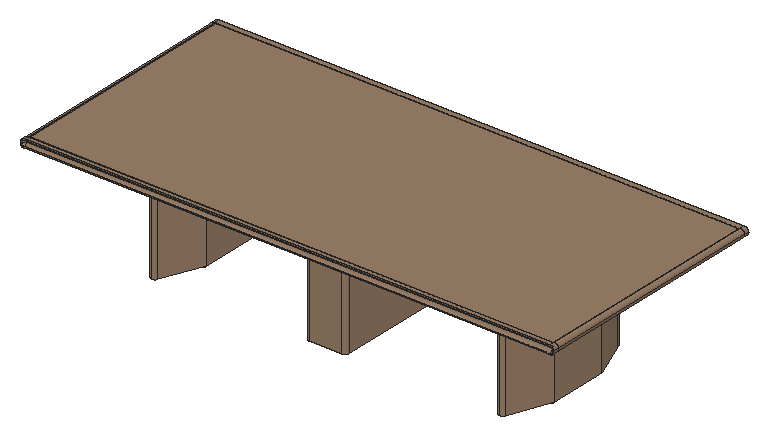
Revit family "Table-Teknion-CFTBCH_Figure_Table_Rectangular_Hexa_Panel_Base_Bullnose_Cove_Edge-R2023", category Furniture, Revit 2023 (continued)
Definition of nested family "Hexa Panel"
  Dimensions and locks (in)
    plane 4 "Left" to Sweep 10 sketch curve to Sweep 10 sketch curve to Sweep 10 sketch curve to Sweep 10 sketch curve to Sweep 10 sketch curve to Sweep 10 sketch curve = 0.72972" locked, 0.18042" locked, 0.000" locked, 0.36084" locked, 0.000" locked, 0.18042" locked  (x2)
    Sweep 10 sketch curve to Sweep 10 sketch curve to Sweep 10 sketch curve to Sweep 10 sketch curve to Sweep 10 sketch curve to Sweep 10 sketch curve to plane 5 "Right" = 0.18042" locked, 0.000" locked, 0.36084" locked, 0.000" locked, 0.18042" locked, 0.72972" locked  (x2)
    Sweep 10 sketch curve to plane 10 "2" to Sweep 10 sketch curve = 0.3125" locked, 0.3125" locked  (x2)
    Sweep 10 sketch curve to plane 12 "3" to Sweep 10 sketch curve = 0.3125" locked, 0.3125" locked  (x2)
    Sweep 10 sketch curve to plane 11 "4" to Sweep 10 sketch curve = 0.3125" locked, 0.3125" locked
    aligned and locked: level to plane 2
    aligned and locked: Sweep 1 sketch curve to plane 3 "Center Left/Right"
    aligned and locked: plane 8 "Top" to Sweep 1 sketch curve
    aligned and locked: plane 13 to Sweep 1 sketch curve
    aligned and locked: plane 6 "Back" to Sweep 1 sketch curve
    aligned and locked: plane 7 "Front" to Sweep 1 sketch curve
    aligned and locked: Sweep 2 sketch curve to plane 3 "Center Left/Right"
    aligned and locked: Sweep 3 sketch curve to plane 3 "Center Left/Right"
    aligned and locked: plane 2 to Revolve 4 sketch curve
    aligned and locked: Revolve 4 sketch curve to plane 3 "Center Left/Right"  (x2)
    aligned and locked: plane 2 to Revolve 5 sketch curve
    aligned and locked: plane 2 to Revolve 6 sketch curve
    aligned and locked: plane 2 to Revolve 7 sketch curve
    aligned and locked: plane 2 to Revolve 9 sketch curve
    aligned and locked: Revolve 9 sketch curve to plane 3 "Center Left/Right"  (x2)
    aligned and locked: plane 2 to Revolve 8 sketch curve
    aligned and locked: plane 13 to Sweep 10 sketch curve
    aligned and locked: Sweep 10 sketch curve to plane 3 "Center Left/Right"
    aligned and locked: plane 9 "1" to Sweep 10 sketch curve  (x2)
    aligned and locked: plane 10 "2" to Sweep 10 sketch curve  (x4)
    aligned and locked: plane 12 "3" to Sweep 10 sketch curve  (x4)
    aligned and locked: plane 11 "4" to Sweep 10 sketch curve  (x2)
    aligned and locked: curve 1 to cut or joined group of Sweep 1, Sweep 2, Sweep 3
    aligned and locked: curve 3 to cut or joined group of Sweep 1, Sweep 2, Sweep 3
    aligned and locked: curve 4 to cut or joined group of Sweep 1, Sweep 2, Sweep 3
    aligned and locked: curve 5 to cut or joined group of Sweep 1, Sweep 2, Sweep 3
    aligned and locked: curve 6 to cut or joined group of Sweep 1, Sweep 2, Sweep 3
    aligned and locked: curve 7 to cut or joined group of Sweep 1, Sweep 2, Sweep 3
    aligned and locked: curve 9 to cut or joined group of Sweep 1, Sweep 2, Sweep 3
    aligned and locked: curve 10 to cut or joined group of Sweep 1, Sweep 2, Sweep 3
    aligned and locked: curve 11 to cut or joined group of Sweep 1, Sweep 2, Sweep 3
    aligned and locked: curve 12 to cut or joined group of Sweep 1, Sweep 2, Sweep 3
    aligned and locked: curve 13 to cut or joined group of Sweep 1, Sweep 2, Sweep 3
    aligned and locked: curve 14 to cut or joined group of Sweep 1, Sweep 2, Sweep 3
    aligned and locked: curve 15 to cut or joined group of Sweep 1, Sweep 2, Sweep 3
    aligned and locked: curve 16 to cut or joined group of Sweep 1, Sweep 2, Sweep 3
    aligned and locked: curve 17 to cut or joined group of Sweep 1, Sweep 2, Sweep 3
    aligned and locked: curve 18 to cut or joined group of Sweep 1, Sweep 2, Sweep 3
    aligned and locked: curve 19 to cut or joined group of Sweep 1, Sweep 2, Sweep 3
    aligned and locked: curve 21 to cut or joined group of Sweep 1, Sweep 2, Sweep 3
    aligned and locked: curve 22 to cut or joined group of Sweep 1, Sweep 2, Sweep 3
    aligned and locked: curve 24 to cut or joined group of Sweep 1, Sweep 2, Sweep 3
    aligned and locked: curve 25 to cut or joined group of Sweep 1, Sweep 2, Sweep 3
    aligned and locked: curve 26 to cut or joined group of Sweep 1, Sweep 2, Sweep 3
    aligned and locked: curve 27 to cut or joined group of Sweep 1, Sweep 2, Sweep 3
    aligned and locked: curve 28 to cut or joined group of Sweep 1, Sweep 2, Sweep 3
    aligned and locked: curve 29 to cut or joined group of Revolve 4, Revolve 5, Revolve 6, Revolve 7, Revolve 8, Revolve 9, Sweep 10
    aligned and locked: curve 30 to cut or joined group of Revolve 4, Revolve 5, Revolve 6, Revolve 7, Revolve 8, Revolve 9, Sweep 10
    aligned and locked: curve 31 to cut or joined group of Revolve 4, Revolve 5, Revolve 6, Revolve 7, Revolve 8, Revolve 9, Sweep 10
    aligned and locked: curve 32 to cut or joined group of Revolve 4, Revolve 5, Revolve 6, Revolve 7, Revolve 8, Revolve 9, Sweep 10
    aligned and locked: curve 33 to cut or joined group of Revolve 4, Revolve 5, Revolve 6, Revolve 7, Revolve 8, Revolve 9, Sweep 10
    aligned and locked: curve 34 to cut or joined group of Revolve 4, Revolve 5, Revolve 6, Revolve 7, Revolve 8, Revolve 9, Sweep 10
    aligned and locked: curve 35 to cut or joined group of Revolve 4, Revolve 5, Revolve 6, Revolve 7, Revolve 8, Revolve 9, Sweep 10
    aligned and locked: curve 36 to cut or joined group of Revolve 4, Revolve 5, Revolve 6, Revolve 7, Revolve 8, Revolve 9, Sweep 10
    aligned and locked: curve 37 to cut or joined group of Revolve 4, Revolve 5, Revolve 6, Revolve 7, Revolve 8, Revolve 9, Sweep 10
    aligned and locked: curve 38 to cut or joined group of Revolve 4, Revolve 5, Revolve 6, Revolve 7, Revolve 8, Revolve 9, Sweep 10
    aligned and locked: curve 39 to cut or joined group of Revolve 4, Revolve 5, Revolve 6, Revolve 7, Revolve 8, Revolve 9, Sweep 10
    aligned and locked: curve 40 to cut or joined group of Revolve 4, Revolve 5, Revolve 6, Revolve 7, Revolve 8, Revolve 9, Sweep 10
    aligned and locked: curve 41 to cut or joined group of Revolve 4, Revolve 5, Revolve 6, Revolve 7, Revolve 8, Revolve 9, Sweep 10
    aligned and locked: curve 42 to cut or joined group of Revolve 4, Revolve 5, Revolve 6, Revolve 7, Revolve 8, Revolve 9, Sweep 10
    aligned and locked: curve 43 to cut or joined group of Revolve 4, Revolve 5, Revolve 6, Revolve 7, Revolve 8, Revolve 9, Sweep 10
    aligned and locked: curve 44 to cut or joined group of Revolve 4, Revolve 5, Revolve 6, Revolve 7, Revolve 8, Revolve 9, Sweep 10
    aligned and locked: curve 45 to cut or joined group of Revolve 4, Revolve 5, Revolve 6, Revolve 7, Revolve 8, Revolve 9, Sweep 10
    aligned and locked: curve 46 to cut or joined group of Revolve 4, Revolve 5, Revolve 6, Revolve 7, Revolve 8, Revolve 9, Sweep 10
    aligned and locked: curve 47 to cut or joined group of Revolve 4, Revolve 5, Revolve 6, Revolve 7, Revolve 8, Revolve 9, Sweep 10
    aligned and locked: curve 48 to cut or joined group of Revolve 4, Revolve 5, Revolve 6, Revolve 7, Revolve 8, Revolve 9, Sweep 10
    aligned and locked: curve 49 to cut or joined group of Revolve 4, Revolve 5, Revolve 6, Revolve 7, Revolve 8, Revolve 9, Sweep 10
    aligned and locked: curve 50 to cut or joined group of Revolve 4, Revolve 5, Revolve 6, Revolve 7, Revolve 8, Revolve 9, Sweep 10
    aligned and locked: curve 51 to cut or joined group of Revolve 4, Revolve 5, Revolve 6, Revolve 7, Revolve 8, Revolve 9, Sweep 10
    aligned and locked: curve 52 to cut or joined group of Revolve 4, Revolve 5, Revolve 6, Revolve 7, Revolve 8, Revolve 9, Sweep 10
    aligned and locked: curve 53 to cut or joined group of Revolve 4, Revolve 5, Revolve 6, Revolve 7, Revolve 8, Revolve 9, Sweep 10
    aligned and locked: curve 54 to cut or joined group of Revolve 4, Revolve 5, Revolve 6, Revolve 7, Revolve 8, Revolve 9, Sweep 10
    aligned and locked: curve 55 to cut or joined group of Revolve 4, Revolve 5, Revolve 6, Revolve 7, Revolve 8, Revolve 9, Sweep 10
    aligned and locked: curve 56 to cut or joined group of Revolve 4, Revolve 5, Revolve 6, Revolve 7, Revolve 8, Revolve 9, Sweep 10
    aligned and locked: curve 57 to cut or joined group of Revolve 4, Revolve 5, Revolve 6, Revolve 7, Revolve 8, Revolve 9, Sweep 10
    aligned and locked: curve 58 to cut or joined group of Revolve 4, Revolve 5, Revolve 6, Revolve 7, Revolve 8, Revolve 9, Sweep 10
    aligned and locked: curve 59 to cut or joined group of Revolve 4, Revolve 5, Revolve 6, Revolve 7, Revolve 8, Revolve 9, Sweep 10
    aligned and locked: curve 60 to cut or joined group of Revolve 4, Revolve 5, Revolve 6, Revolve 7, Revolve 8, Revolve 9, Sweep 10
    aligned and locked: curve 61 to cut or joined group of Revolve 4, Revolve 5, Revolve 6, Revolve 7, Revolve 8, Revolve 9, Sweep 10
    aligned and locked: curve 62 to cut or joined group of Revolve 4, Revolve 5, Revolve 6, Revolve 7, Revolve 8, Revolve 9, Sweep 10
    aligned and locked: curve 63 to cut or joined group of Revolve 4, Revolve 5, Revolve 6, Revolve 7, Revolve 8, Revolve 9, Sweep 10
    aligned and locked: curve 64 to cut or joined group of Revolve 4, Revolve 5, Revolve 6, Revolve 7, Revolve 8, Revolve 9, Sweep 10
    aligned and locked: curve 65 to cut or joined group of Revolve 4, Revolve 5, Revolve 6, Revolve 7, Revolve 8, Revolve 9, Sweep 10
    aligned and locked: curve 66 to cut or joined group of Revolve 4, Revolve 5, Revolve 6, Revolve 7, Revolve 8, Revolve 9, Sweep 10
    aligned and locked: curve 67 to cut or joined group of Revolve 4, Revolve 5, Revolve 6, Revolve 7, Revolve 8, Revolve 9, Sweep 10
    aligned and locked: curve 68 to cut or joined group of Revolve 4, Revolve 5, Revolve 6, Revolve 7, Revolve 8, Revolve 9, Sweep 10
    aligned and locked: curve 69 to cut or joined group of Revolve 4, Revolve 5, Revolve 6, Revolve 7, Revolve 8, Revolve 9, Sweep 10
    aligned and locked: curve 70 to cut or joined group of Revolve 4, Revolve 5, Revolve 6, Revolve 7, Revolve 8, Revolve 9, Sweep 10
    aligned and locked: curve 71 to cut or joined group of Revolve 4, Revolve 5, Revolve 6, Revolve 7, Revolve 8, Revolve 9, Sweep 10
    aligned and locked: curve 72 to cut or joined group of Revolve 4, Revolve 5, Revolve 6, Revolve 7, Revolve 8, Revolve 9, Sweep 10
    aligned and locked: curve 73 to cut or joined group of Revolve 4, Revolve 5, Revolve 6, Revolve 7, Revolve 8, Revolve 9, Sweep 10
    aligned and locked: curve 74 to cut or joined group of Revolve 4, Revolve 5, Revolve 6, Revolve 7, Revolve 8, Revolve 9, Sweep 10
    aligned and locked: curve 75 to cut or joined group of Revolve 4, Revolve 5, Revolve 6, Revolve 7, Revolve 8, Revolve 9, Sweep 10
    aligned and locked: curve 76 to cut or joined group of Revolve 4, Revolve 5, Revolve 6, Revolve 7, Revolve 8, Revolve 9, Sweep 10
    aligned and locked: curve 77 to plane 6 "Back"
    aligned and locked: plane 7 "Front" to curve 78
  Automatic sketch dimensions
    Sweep 1 sketch curve to profile plane = 0.000"  (x2)
    Sweep 3 sketch curve to profile plane = 0.000"  (x2)
    Revolve 4 sketch curve to level = 0.69828"
    plane 13 to Revolve 4 sketch curve = 0.15926"
    Revolve 5 sketch curve to plane 13 = 0.07146"
    Revolve 5 sketch curve to level = 0.48144"
    Revolve 6 sketch curve to plane 13 = 0.0769"
    Revolve 6 sketch curve to level = 0.3269"
    level to Revolve 7 sketch curve = 0.23252"
    plane 13 to Revolve 7 sketch curve = 0.09564"
    level to Revolve 9 sketch curve = 0.54196"
    Revolve 9 sketch curve to plane 13 = 0.1177"
    level to Revolve 8 sketch curve = 0.45393"
    plane 13 to Revolve 8 sketch curve = 0.08613"
    curve 4 to plane 3 "Center Left/Right" = 0.000"
    curve 9 to plane 3 "Center Left/Right" = 0.000"
    curve 5 to curve 13 = 0.02292"
    curve 14 to curve 2 = 0.02292"
    curve 23 to curve 24 = 0.000"
    curve 25 to plane 3 "Center Left/Right" = 0.000"
    plane 10 "2" to curve 19 = 0.19941"
    curve 28 to plane 3 "Center Left/Right" = 0.000"
    plane 11 "4" to curve 65 = 0.000"
    plane 11 "4" to curve 66 = 0.000"
    plane 12 "3" to curve 67 = 0.000"
    plane 12 "3" to curve 68 = 0.000"
    plane 12 "3" to curve 69 = 0.000"
    plane 12 "3" to curve 70 = 0.000"
    curve 71 to plane 10 "2" = 0.000"
    curve 72 to plane 10 "2" = 0.000"
    curve 73 to plane 10 "2" = 0.000"
    curve 74 to plane 10 "2" = 0.000"
    curve 75 to plane 9 "1" = 0.000"  (x2)
    curve 3 to curve 16 = 0.02969"
    curve 16 to curve 4 = 0.02969"
    curve 10 to curve 11 = 0.02969"
    curve 11 to curve 9 = 0.02969"
Definition of nested family "12 Inch Standard Recessed Access Door"
  Parameters (values of type "12 Inch Compact Recessed Access Door")
    Warranty = "http://www.teknion.com/ca/papers/legal-canada"
    Unit Weight URL = "http://www.teknion.com/ca/tools/assets#&asset=bee6a381-b954-425e-8283-5a2de3a804f2,f828d448-4b62-4231-9e5f-9a8991c0ed77"
    URL = "www.teknion.com"
    To render please download texture images found here [instance] = "https://assets.teknion.com/web/5e81352c1dfdb467/revit-material-swatches/"
    Sustainability Data = "https://www.teknion.com/ca/tools/assets#&topic=216f99a5-57a0-44fc-b10a-9dee9b29ae4c&asset=444deb64-fe58-4b68-981e-f75e97781df7,b4ff2d81-9f2e-437d-9659-7cffb09c31cf"
    Series = ""
    Product Page URL = ""
    Product Line = ""
    Product Documentation Link = ""
    Part Number = ""
    Model = "1"
    Manufacturer Phone = "416-661-3370"  # constant formula
    Manufacturer Fax = "416.661.4586"  # constant formula
    Manufacturer Contact Information = "http://www.teknion.com/ca/contactus"
    Manufacturer Address = "1150 Flint Road, Toronto, ON. M3J 2J5. Canada"  # constant formula
    Manufacturer = "Teknion"  # constant formula
    How To Use Teknion Materials User Guide [instance] = "https://assets.teknion.com/m/205dd0a49fa58060/original/How-to-add-a-Material-Library-and-Texture-Images-to-your-Revit-project.pdf"
    For Additional Finishes please visit [instance] = "https://assets.teknion.com/m/44a8009b046e5d47/original/Teknion_Materials_Library.zip"
    Finish [instance] = none
    Description = "12 Inch Compact Recessed Access Door"
    Default Elevation = 0.000"
    Assembly Code = "E2020200"
  Reference planes (in)
    plane 1 "Center Front/Back": y = -150
    plane 2: z = 0
    plane 3 "Center Left/Right": x = 1350
    plane 4 "Left": x = 1343.97244
    plane 5 "Right": x = 1356.02756
    plane 6 "Back": y = -147.19685
    plane 7 "Front": y = -152.80315
    plane 8 "Top": z = 29.06
    plane 9: z = 29.13087
    plane 10: z = 27.55606
  Forms (in)
    Sweep 1, solid, material <- "Finish"
      path origin (0, -150, 0) x (1, 0, 0) y (0, 0, 1)
        loop
          line (1350, 29.0915) -> (1350, 28.93402)
      profile origin (1350, -150, 29.01276) x (0, -1, 0) y (1, 0, 0)
        loop
          line (-1.96727, 5.55118) -> (-1.96727, -5.55118)
          arc (-1.96727, -5.55118) -> (-1.93304, -5.63382) -> (-1.85039, -5.66805) r 0.11687
          line (-1.85039, -5.66805) -> (1.85039, -5.66805)
          arc (1.85039, -5.66805) -> (1.93304, -5.63382) -> (1.96727, -5.55118) r 0.11687
          line (1.96727, -5.55118) -> (1.96727, 5.55118)
          arc (1.96727, 5.55118) -> (1.93304, 5.63382) -> (1.85039, 5.66805) r 0.11687
          line (1.85039, 5.66805) -> (-1.85039, 5.66805)
          arc (-1.85039, 5.66805) -> (-1.93304, 5.63382) -> (-1.96727, 5.55118) r 0.11687
    Sweep 2, solid, material <- "Finish"
      path origin (0, 0, 0) x (1, 0, 0) y (0, 1, 0)
        loop
          line (1345.02559, -150.97077) -> (1345.50591, -150.97077)
      profile origin (1345.26575, -150.97077, 0) x (0, 1, 0) y (0, 0, 1)
        loop
          arc (-0.58221, 28.65831) -> (-0.29695, 28.37305) -> (-0.01169, 28.65831) r 0.28526
          line (-0.01169, 28.65831) -> (0, 28.99307) -> (-0.5939, 28.99307) -> (-0.58221, 28.65831)
    Sweep 3, solid, material <- "Finish"
      path origin (4.42913, 2.53543, 0) x (1, 0, 0) y (0, 1, 0)
        loop
          line (1350.06496, -150.97077) -> (1350.54528, -150.97077)
      profile origin (1354.73425, -148.43533, 0) x (0, 1, 0) y (0, 0, 1)
        loop
          arc (-0.58221, 28.65831) -> (-0.29695, 28.37305) -> (-0.01169, 28.65831) r 0.28526
          line (-0.01169, 28.65831) -> (0, 28.99307) -> (-0.5939, 28.99307) -> (-0.58221, 28.65831)
    Sweep 4, solid, material <- "Finish"
      path origin (0, 0, 0) x (1, 0, 0) y (0, 1, 0)
        loop
          line (1344.95276, -150) -> (1344.53543, -150)
      profile origin (1344.74409, -150, 0) x (0, -1, 0) y (0, 0, 1)
        loop
          line (1.26772, 28.9537) -> (-1.26772, 28.9537)
          arc (-1.26772, 28.9537) -> (-1.46955, 28.8701) -> (-1.55315, 28.66827) r 0.28543
          arc (-1.55315, 28.66827) -> (-1.46955, 28.46644) -> (-1.26772, 28.38283) r 0.28543
          line (-1.26772, 28.38283) -> (1.26772, 28.38283)
          arc (1.26772, 28.38283) -> (1.46955, 28.46644) -> (1.55315, 28.66827) r 0.28543
          arc (1.55315, 28.66827) -> (1.46955, 28.8701) -> (1.26772, 28.9537) r 0.28543
    Sweep 5, solid, material <- "Finish"
      path origin (2700, 0, 0) x (-1, 0, 0) y (0, -1, 0)
        loop
          line (1344.95276, 150) -> (1344.53543, 150)
      profile origin (1355.25591, -150, 0) x (0, 1, 0) y (0, 0, 1)
        loop
          arc (-1.26772, 28.9537) -> (-1.46955, 28.8701) -> (-1.55315, 28.66827) r 0.28543
          arc (-1.55315, 28.66827) -> (-1.46955, 28.46644) -> (-1.26772, 28.38283) r 0.28543
          line (-1.26772, 28.38283) -> (1.26772, 28.38283)
          arc (1.26772, 28.38283) -> (1.46955, 28.46644) -> (1.55315, 28.66827) r 0.28543
          arc (1.55315, 28.66827) -> (1.46955, 28.8701) -> (1.26772, 28.9537) r 0.28543
          line (1.26772, 28.9537) -> (-1.26772, 28.9537)
    Sweep 6, solid, material <- "Finish"
      path origin (0, -150, 0) x (1, 0, 0) y (0, 0, 1)
        loop
          line (1350, 28.30172) -> (1350, 27.55606)
      profile origin (1350, -150, 27.92889) x (0, -1, 0) y (1, 0, 0)
        loop
          line (1.35626, -5.83069) -> (2.28346, -5.83069)
          arc (2.28346, -5.83069) -> (2.51173, -5.73614) -> (2.60628, -5.50787) r 0.32281
          line (2.60628, -5.50787) -> (2.60628, 5.50787)
          arc (2.60628, 5.50787) -> (2.51173, 5.73614) -> (2.28346, 5.83069) r 0.32281
          line (2.28346, 5.83069) -> (1.35626, 5.83069) -> (-1.35626, 5.83069) -> (-2.28346, 5.83069)
          arc (-2.28346, 5.83069) -> (-2.51173, 5.73614) -> (-2.60628, 5.50787) r 0.32281
          line (-2.60628, 5.50787) -> (-2.60628, -5.50787)
          arc (-2.60628, -5.50787) -> (-2.51173, -5.73614) -> (-2.28346, -5.83069) r 0.32281
          line (-2.28346, -5.83069) -> (-1.35626, -5.83069) -> (1.35626, -5.83069)
        loop
          arc (2.28346, -5.74014) -> (2.4477, -5.67211) -> (2.51573, -5.50787) r 0.23226
          line (2.51573, -5.50787) -> (2.51573, 5.50787)
          arc (2.51573, 5.50787) -> (2.4477, 5.67211) -> (2.28346, 5.74014) r 0.23226
          line (2.28346, 5.74014) -> (1.44686, 5.74014) -> (1.44686, 5.10236) -> (-1.44686, 5.10236) -> (-1.44686, 5.74014) -> (-2.28346, 5.74014)
          arc (-2.28346, 5.74014) -> (-2.4477, 5.67211) -> (-2.51573, 5.50787) r 0.23226
          line (-2.51573, 5.50787) -> (-2.51573, -5.50787)
          arc (-2.51573, -5.50787) -> (-2.4477, -5.67211) -> (-2.28346, -5.74014) r 0.23226
          line (-2.28346, -5.74014) -> (-1.44686, -5.74014) -> (-1.44686, -5.10236) -> (1.44686, -5.10236) -> (1.44686, -5.74014) -> (2.28346, -5.74014)
    SweptBlend 7, solid, material <- "Finish"
      path origin (0, -150, 0) x (1, 0, 0) y (0, 0, 1)
        loop
          line (1350, 28.30172) -> (1350, 29.06)
      profile origin (1350, -150, 28.30172) x (-1, 0, 0) y (0, -1, 0)
        loop
          line (5.50787, 2.60628) -> (-5.50787, 2.60628)
          arc (-5.50787, 2.60628) -> (-5.73614, 2.51173) -> (-5.83069, 2.28346) r 0.32281
          line (-5.83069, 2.28346) -> (-5.83069, -2.28346)
          arc (-5.83069, -2.28346) -> (-5.73614, -2.51173) -> (-5.50787, -2.60628) r 0.32281
          line (-5.50787, -2.60628) -> (5.50787, -2.60628)
          arc (5.50787, -2.60628) -> (5.73614, -2.51173) -> (5.83069, -2.28346) r 0.32281
          line (5.83069, -2.28346) -> (5.83069, 2.28346)
          arc (5.83069, 2.28346) -> (5.73614, 2.51173) -> (5.50787, 2.60628) r 0.32281
      end profile origin (1350, -150, 29.06) x (-1, 0, 0) y (0, -1, 0)
        loop
          line (5.50787, 2.64602) -> (-5.50787, 2.64602)
          arc (-5.50787, 2.64602) -> (-5.76424, 2.53983) -> (-5.87043, 2.28346) r 0.36255
          line (-5.87043, 2.28346) -> (-5.87043, -2.28346)
          arc (-5.87043, -2.28346) -> (-5.76424, -2.53983) -> (-5.50787, -2.64602) r 0.36255
          line (-5.50787, -2.64602) -> (5.50787, -2.64602)
          arc (5.50787, -2.64602) -> (5.76424, -2.53983) -> (5.87043, -2.28346) r 0.36255
          line (5.87043, -2.28346) -> (5.87043, 2.28346)
          arc (5.87043, 2.28346) -> (5.76424, 2.53983) -> (5.50787, 2.64602) r 0.36255
    SweptBlend 8, void
      path origin (0, -150, 0) x (1, 0, 0) y (0, 0, 1)
        loop
          line (1350, 28.30172) -> (1350, 29.13087)
      profile origin (1350, -150, 28.30172) x (-1, 0, 0) y (0, -1, 0)
        loop
          arc (-5.50787, 2.51573) -> (-5.67211, 2.4477) -> (-5.74014, 2.28346) r 0.23226
          line (-5.74014, 2.28346) -> (-5.74014, -2.28346)
          arc (-5.74014, -2.28346) -> (-5.67211, -2.4477) -> (-5.50787, -2.51573) r 0.23226
          line (-5.50787, -2.51573) -> (5.50787, -2.51573)
          arc (5.50787, -2.51573) -> (5.67211, -2.4477) -> (5.74014, -2.28346) r 0.23226
          line (5.74014, -2.28346) -> (5.74014, 2.28346)
          arc (5.74014, 2.28346) -> (5.67211, 2.4477) -> (5.50787, 2.51573) r 0.23226
          line (5.50787, 2.51573) -> (-5.50787, 2.51573)
      end profile origin (1350, -150, 29.13087) x (-1, 0, 0) y (0, -1, 0)
        loop
          arc (5.78346, 2.28346) -> (5.70275, 2.47834) -> (5.50787, 2.55906) r 0.27559
          line (5.50787, 2.55906) -> (-5.50787, 2.55906)
          arc (-5.50787, 2.55906) -> (-5.70275, 2.47834) -> (-5.78346, 2.28346) r 0.27559
          line (-5.78346, 2.28346) -> (-5.78346, -2.28346)
          arc (-5.78346, -2.28346) -> (-5.70275, -2.47834) -> (-5.50787, -2.55906) r 0.27559
          line (-5.50787, -2.55906) -> (5.50787, -2.55906)
          arc (5.50787, -2.55906) -> (5.70275, -2.47834) -> (5.78346, -2.28346) r 0.27559
          line (5.78346, -2.28346) -> (5.78346, 2.28346)
    Sweep 9, solid, material <- "Finish"
      path origin (0, -150, 0) x (1, 0, 0) y (0, 0, 1)
        loop
          line (1350, 29.13087) -> (1350, 29.06)
      profile origin (1350, -150, 29.09543) x (0, -1, 0) y (1, 0, 0)
        loop
          arc (-2.80315, -5.56299) -> (-2.66708, -5.89149) -> (-2.33858, -6.02756) r 0.46457
          line (-2.33858, -6.02756) -> (2.33858, -6.02756)
          arc (2.33858, -6.02756) -> (2.66708, -5.89149) -> (2.80315, -5.56299) r 0.46457
          line (2.80315, -5.56299) -> (2.80315, 5.56299)
          arc (2.80315, 5.56299) -> (2.66708, 5.89149) -> (2.33858, 6.02756) r 0.46457
          line (2.33858, 6.02756) -> (-2.33858, 6.02756)
          arc (-2.33858, 6.02756) -> (-2.66708, 5.89149) -> (-2.80315, 5.56299) r 0.46457
          line (-2.80315, 5.56299) -> (-2.80315, -5.56299)
        loop
          arc (-2.55535, -5.50787) -> (-2.47572, -5.70013) -> (-2.28346, -5.77976) r 0.27189
          line (-2.28346, -5.77976) -> (2.28346, -5.77976)
          arc (2.28346, -5.77976) -> (2.47572, -5.70013) -> (2.55535, -5.50787) r 0.27189
          line (2.55535, -5.50787) -> (2.55535, 5.50787)
          arc (2.55535, 5.50787) -> (2.47572, 5.70013) -> (2.28346, 5.77976) r 0.27189
          line (2.28346, 5.77976) -> (-2.28346, 5.77976)
          arc (-2.28346, 5.77976) -> (-2.47572, 5.70013) -> (-2.55535, 5.50787) r 0.27189
          line (-2.55535, 5.50787) -> (-2.55535, -5.50787)
    Sweep 10, solid, material <- "Finish"
      path origin (0, 0, 0) x (1, 0, 0) y (0, 1, 0)
        loop
          line (1344.50394, -150) -> (1344.19923, -150)
      profile origin (1344.35158, -150, 0) x (0, -1, 0) y (0, 0, 1)
        loop
          line (-1.55173, 28.30409) -> (-1.47299, 28.30409) -> (-1.47161, 28.34346) -> (1.47161, 28.34346) -> (1.47299, 28.30409) -> (1.55173, 28.30409) -> (1.53742, 28.71391)
          arc (1.53742, 28.71391) -> (1.46543, 28.87559) -> (1.30134, 28.94189) r 0.23622
          line (1.30134, 28.94189) -> (-1.30134, 28.94189)
          arc (-1.30134, 28.94189) -> (-1.46543, 28.87559) -> (-1.53742, 28.71391) r 0.23622
          line (-1.53742, 28.71391) -> (-1.55173, 28.30409)
    Sweep 11, solid, material <- "Finish"
      path origin (2700, 0, 0) x (-1, 0, 0) y (0, -1, 0)
        loop
          line (1344.50394, 150) -> (1344.19923, 150)
      profile origin (1355.64842, -150, 0) x (0, 1, 0) y (0, 0, 1)
        loop
          line (1.55173, 28.30409) -> (1.53742, 28.71391)
          arc (1.53742, 28.71391) -> (1.46543, 28.87559) -> (1.30134, 28.94189) r 0.23622
          line (1.30134, 28.94189) -> (-1.30134, 28.94189)
          arc (-1.30134, 28.94189) -> (-1.46543, 28.87559) -> (-1.53742, 28.71391) r 0.23622
          line (-1.53742, 28.71391) -> (-1.55173, 28.30409) -> (-1.47299, 28.30409) -> (-1.47161, 28.34346) -> (1.47161, 28.34346) -> (1.47299, 28.30409) -> (1.55173, 28.30409)
  Cuts and joins
    joined: Sweep 2, Sweep 3
    SweptBlend 8 cuts SweptBlend 7
    joined: Sweep 6, SweptBlend 7, Sweep 9, Sweep 10, Sweep 11
  Lines and regions (in)
    Masking region 1
      outline origin (-2.51969, 0, 0) x (1, 0, 0) y (0, 1, 0)
        loop
          line (1358.08268, -147.19685) -> (1346.95669, -147.19685)
          arc (1346.95669, -147.19685) -> (1346.62819, -147.33292) -> (1346.49213, -147.66142) r 0.46457
          line (1346.49213, -147.66142) -> (1346.49213, -152.33858)
          arc (1346.49213, -152.33858) -> (1346.62819, -152.66708) -> (1346.95669, -152.80315) r 0.46457
          line (1346.95669, -152.80315) -> (1358.08268, -152.80315)
          arc (1358.08268, -152.80315) -> (1358.41118, -152.66708) -> (1358.54724, -152.33858) r 0.46457
          line (1358.54724, -152.33858) -> (1358.54724, -147.66142)
          arc (1358.54724, -147.66142) -> (1358.41118, -147.33292) -> (1358.08268, -147.19685) r 0.46457
        loop
          line (1346.77955, -148.44827) -> (1346.85163, -148.44827) -> (1346.85163, -148.14961)
          arc (1346.85163, -148.14961) -> (1346.88586, -148.06696) -> (1346.9685, -148.03273) r 0.11687
          line (1346.9685, -148.03273) -> (1358.07087, -148.03273)
          arc (1358.07087, -148.03273) -> (1358.15351, -148.06696) -> (1358.18774, -148.14961) r 0.11687
          line (1358.18774, -148.14961) -> (1358.18774, -148.44827) -> (1358.25982, -148.44827) -> (1358.25982, -147.71654)
          arc (1358.25982, -147.71654) -> (1358.19179, -147.5523) -> (1358.02756, -147.48427) r 0.23226
          line (1358.02756, -147.48427) -> (1347.01181, -147.48427)
          arc (1347.01181, -147.48427) -> (1346.84758, -147.5523) -> (1346.77955, -147.71654) r 0.23226
          line (1346.77955, -147.71654) -> (1346.77955, -148.44827)
        loop
          line (1346.77955, -151.55173) -> (1346.77955, -152.28346)
          arc (1346.77955, -152.28346) -> (1346.84758, -152.4477) -> (1347.01181, -152.51573) r 0.23226
          line (1347.01181, -152.51573) -> (1358.02756, -152.51573)
          arc (1358.02756, -152.51573) -> (1358.19179, -152.4477) -> (1358.25982, -152.28346) r 0.23226
          line (1358.25982, -152.28346) -> (1358.25982, -151.55173) -> (1358.18774, -151.55173) -> (1358.18774, -151.85039)
          arc (1358.18774, -151.85039) -> (1358.15351, -151.93304) -> (1358.07087, -151.96727) r 0.11687
          line (1358.07087, -151.96727) -> (1346.9685, -151.96727)
          arc (1346.9685, -151.96727) -> (1346.88586, -151.93304) -> (1346.85163, -151.85039) r 0.11687
          line (1346.85163, -151.85039) -> (1346.85163, -151.55173) -> (1346.77955, -151.55173)
    symbolic lines
      curve 1: line (1344.22024, -152.28346, 0) -> (1344.22024, -147.71654, 0)
      curve 2: line (1344.49213, -147.44465, 0) -> (1355.50787, -147.44465, 0)
      curve 3: arc (1344.22024, -147.71654, 0) -> (1344.29987, -147.52428, 0) -> (1344.49213, -147.44465, 0) r 0.27189
      curve 4: line (1355.77976, -147.71654, 0) -> (1355.77976, -152.28346, 0)
      curve 5: arc (1355.50787, -147.44465, 0) -> (1355.70013, -147.52428, 0) -> (1355.77976, -147.71654, 0) r 0.27189
      curve 6: line (1355.50787, -152.55535, 0) -> (1344.49213, -152.55535, 0)
      curve 7: arc (1355.77976, -152.28346, 0) -> (1355.70013, -152.47572, 0) -> (1355.50787, -152.55535, 0) r 0.27189
      curve 8: arc (1344.49213, -152.55535, 0) -> (1344.29987, -152.47572, 0) -> (1344.22024, -152.28346, 0) r 0.27189
      curve 9: line (1344.33195, -148.14961, 0) -> (1344.33195, -151.85039, 0)
      curve 10: line (1355.66805, -151.85039, 0) -> (1355.66805, -148.14961, 0)
      curve 11: line (1344.25986, -147.71654, 0) -> (1344.25986, -152.28346, 0)
      curve 12: line (1355.74014, -147.71654, 0) -> (1355.74014, -152.28346, 0)
      curve 41: line (1344.33195, -148.14961, 0) -> (1344.33195, -151.85039, 0)
      curve 42: line (1355.55118, -148.03273, 0) -> (1344.44882, -148.03273, 0)
      curve 43: arc (1344.44882, -148.03273, 0) -> (1344.36618, -148.06696, 0) -> (1344.33195, -148.14961, 0) r 0.11687
      curve 44: line (1355.66805, -151.85039, 0) -> (1355.66805, -148.14961, 0)
      curve 45: arc (1355.66805, -148.14961, 0) -> (1355.63382, -148.06696, 0) -> (1355.55118, -148.03273, 0) r 0.11687
      curve 46: line (1344.44882, -151.96727, 0) -> (1355.55118, -151.96727, 0)
      curve 47: arc (1355.55118, -151.96727, 0) -> (1355.63382, -151.93304, 0) -> (1355.66805, -151.85039, 0) r 0.11687
      curve 48: arc (1344.33195, -151.85039, 0) -> (1344.36618, -151.93304, 0) -> (1344.44882, -151.96727, 0) r 0.11687
      curve 49: line (1344.25986, -152.28346, 0) -> (1344.25986, -151.55173, 0)
      curve 50: line (1355.50787, -152.51573, 0) -> (1344.49213, -152.51573, 0)
      curve 51: arc (1344.49213, -152.51573, 0) -> (1344.32789, -152.4477, 0) -> (1344.25986, -152.28346, 0) r 0.23226
      curve 52: line (1355.74014, -151.55173, 0) -> (1355.74014, -152.28346, 0)
      curve 53: arc (1355.74014, -152.28346, 0) -> (1355.67211, -152.4477, 0) -> (1355.50787, -152.51573, 0) r 0.23226
      curve 54: line (1344.25986, -148.44827, 0) -> (1344.25986, -147.71654, 0)
      curve 55: line (1344.49213, -147.48427, 0) -> (1355.50787, -147.48427, 0)
      curve 56: arc (1344.25986, -147.71654, 0) -> (1344.32789, -147.5523, 0) -> (1344.49213, -147.48427, 0) r 0.23226
      curve 57: line (1355.74014, -147.71654, 0) -> (1355.74014, -148.44827, 0)
      curve 58: arc (1355.50787, -147.48427, 0) -> (1355.67211, -147.5523, 0) -> (1355.74014, -147.71654, 0) r 0.23226
      curve 59: line (1355.56299, -147.19685, 0) -> (1344.43701, -147.19685, 0)
      curve 60: arc (1344.43701, -147.19685, 0) -> (1344.10851, -147.33292, 0) -> (1343.97244, -147.66142, 0) r 0.46457
      curve 61: line (1343.97244, -147.66142, 0) -> (1343.97244, -152.33858, 0)
      curve 62: arc (1343.97244, -152.33858, 0) -> (1344.10851, -152.66708, 0) -> (1344.43701, -152.80315, 0) r 0.46457
      curve 63: line (1344.43701, -152.80315, 0) -> (1355.56299, -152.80315, 0)
      curve 64: arc (1355.56299, -152.80315, 0) -> (1355.89149, -152.66708, 0) -> (1356.02756, -152.33858, 0) r 0.46457
      curve 65: line (1356.02756, -152.33858, 0) -> (1356.02756, -147.66142, 0)
      curve 66: arc (1356.02756, -147.66142, 0) -> (1355.89149, -147.33292, 0) -> (1355.56299, -147.19685, 0) r 0.46457
    symbolic lines, detail levels medium+fine
      curve 13: line (1345.02559, -150.97283, 0) -> (1345.50591, -150.97283, 0)
      curve 14: line (1345.50591, -150.97283, 0) -> (1345.50591, -151.5626, 0)
      curve 15: line (1345.50591, -151.5626, 0) -> (1345.02559, -151.5626, 0)
      curve 16: line (1345.02559, -151.5626, 0) -> (1345.02559, -150.97283, 0)
      curve 17: line (1354.49409, -148.4374, 0) -> (1354.97441, -148.4374, 0)
      curve 18: line (1354.49409, -149.02717, 0) -> (1354.49409, -148.4374, 0)
      curve 19: line (1354.97441, -149.02717, 0) -> (1354.49409, -149.02717, 0)
      curve 20: line (1354.97441, -148.4374, 0) -> (1354.97441, -149.02717, 0)
      curve 21: line (1344.53543, -148.44685, 0) -> (1344.95276, -148.44685, 0)
      curve 22: line (1344.53543, -151.55315, 0) -> (1344.53543, -148.44685, 0)
      curve 23: line (1344.95276, -151.55315, 0) -> (1344.53543, -151.55315, 0)
      curve 24: line (1344.95276, -148.44685, 0) -> (1344.95276, -151.55315, 0)
      curve 25: line (1344.50394, -151.55173, 0) -> (1344.22024, -151.55173, 0)
      curve 26: line (1344.50394, -151.55173, 0) -> (1344.50394, -148.44827, 0)
      curve 27: line (1344.50394, -148.44827, 0) -> (1344.22024, -148.44827, 0)
      curve 28: line (1344.25986, -148.55314, 0) -> (1344.89764, -148.55314, 0)
      curve 29: line (1344.89764, -148.55314, 0) -> (1344.89764, -151.44686, 0)
      curve 30: line (1344.89764, -151.44686, 0) -> (1344.25986, -151.44686, 0)
      curve 31: line (1355.46457, -148.44685, 0) -> (1355.04724, -148.44685, 0)
      curve 32: line (1355.46457, -151.55315, 0) -> (1355.46457, -148.44685, 0)
      curve 33: line (1355.04724, -151.55315, 0) -> (1355.46457, -151.55315, 0)
      curve 34: line (1355.04724, -148.44685, 0) -> (1355.04724, -151.55315, 0)
      curve 35: line (1355.49606, -151.55173, 0) -> (1355.77976, -151.55173, 0)
      curve 36: line (1355.49606, -151.55173, 0) -> (1355.49606, -148.44827, 0)
      curve 37: line (1355.49606, -148.44827, 0) -> (1355.77976, -148.44827, 0)
      curve 38: line (1355.74014, -148.55314, 0) -> (1355.10236, -148.55314, 0)
      curve 39: line (1355.10236, -148.55314, 0) -> (1355.10236, -151.44686, 0)
      curve 40: line (1355.10236, -151.44686, 0) -> (1355.74014, -151.44686, 0)
  Dimensions and locks (in)
    plane 4 "Left" to plane 5 "Right" = 12.05512"
    plane 6 "Back" to plane 7 "Front" = 5.6063"
    locked: plane 8 "Top" to level at 29.06
    equal spacing: plane 7 "Front", plane 1 "Center Front/Back", plane 6 "Back"
    equal spacing: plane 4 "Left", plane 3 "Center Left/Right", plane 5 "Right"
    plane 9 to plane 8 "Top" to plane 10 = 0.07087" locked, 1.50394" locked
    aligned and locked: level to plane 2
    aligned and locked: Sweep 6 sketch curve to plane 3 "Center Left/Right"
    aligned and locked: plane 3 "Center Left/Right" to SweptBlend 8 sketch curve
    aligned and locked: Sweep 10 sketch curve to plane 1 "Center Front/Back"
  Automatic sketch dimensions
    Sweep 1 sketch curve to plane 3 "Center Left/Right" = 0.000"
    Sweep 1 sketch curve to plane 8 "Top" = 0.12598"
    plane 8 "Top" to Sweep 1 sketch curve = 0.0315"
    Sweep 1 sketch curve to plane 1 "Center Front/Back" = 1.96727"
    Sweep 1 sketch curve to Sweep 1 sketch curve = 0.11687"  (x3)
    plane 1 "Center Front/Back" to Sweep 1 sketch curve = 1.85039"  (x2)
    profile plane to Sweep 1 sketch curve = 5.66805"
    Sweep 1 sketch curve to profile plane = 5.55118"
    plane 4 "Left" to Sweep 2 sketch curve = 1.05315"
    plane 1 "Center Front/Back" to Sweep 2 sketch curve = 0.97077"
    Sweep 2 sketch curve to Sweep 2 sketch curve = 0.48031"
    Sweep 2 sketch curve to profile plane = 0.000"
    profile plane to Sweep 2 sketch curve = 0.01169"
    Sweep 2 sketch curve to Sweep 2 sketch curve = 0.28526"
    Sweep 2 sketch curve to Sweep 2 sketch curve = 0.01169"
    level to Sweep 2 sketch curve = 28.65831"
    Sweep 2 sketch curve to Sweep 2 sketch curve = 0.33476"
    plane 5 "Right" to Sweep 3 sketch curve = 1.53346"
    Sweep 3 sketch curve to plane 6 "Back" = 1.23848"
    Sweep 3 sketch curve to Sweep 3 sketch curve = 0.48031"
    Sweep 3 sketch curve to profile plane = 0.000"
    profile plane to Sweep 3 sketch curve = 0.01169"
    Sweep 3 sketch curve to Sweep 3 sketch curve = 0.28526"
    Sweep 3 sketch curve to Sweep 3 sketch curve = 0.01169"
    level to Sweep 3 sketch curve = 28.65831"
    Sweep 3 sketch curve to Sweep 3 sketch curve = 0.33476"
    plane 1 "Center Front/Back" to Sweep 4 sketch curve = 0.000"
    plane 4 "Left" to Sweep 4 sketch curve = 0.56299"
    Sweep 4 sketch curve to Sweep 4 sketch curve = 0.41732"
    Sweep 4 sketch curve to Sweep 4 sketch curve = 0.000"  (x4)
    profile plane to Sweep 4 sketch curve = 1.26772"
    Sweep 4 sketch curve to profile plane = 1.26772"
    level to Sweep 4 sketch curve = 28.38283"
    Sweep 4 sketch curve to Sweep 4 sketch curve = 0.28543"
    plane 1 "Center Front/Back" to Sweep 5 sketch curve = 0.000"
    plane 5 "Right" to Sweep 5 sketch curve = 0.56299"
    Sweep 5 sketch curve to Sweep 5 sketch curve = 0.41732"
    Sweep 5 sketch curve to Sweep 5 sketch curve = 0.000"  (x4)
    profile plane to Sweep 5 sketch curve = 1.26772"
    Sweep 5 sketch curve to profile plane = 1.26772"
    level to Sweep 5 sketch curve = 28.38283"
    Sweep 5 sketch curve to Sweep 5 sketch curve = 0.28543"
    Sweep 6 sketch curve to plane 10 = 0.000"
    Sweep 6 sketch curve to Sweep 6 sketch curve = 0.74566"
    Sweep 6 sketch curve to Sweep 6 sketch curve = 0.000"  (x8)
    Sweep 6 sketch curve to plane 1 "Center Front/Back" = 2.60628"
    Sweep 6 sketch curve to Sweep 6 sketch curve = 0.09055"  (x2)
    Sweep 6 sketch curve to Sweep 6 sketch curve = 0.23226"  (x3)
    Sweep 6 sketch curve to Sweep 6 sketch curve = 0.8366"  (x4)
    Sweep 6 sketch curve to Sweep 6 sketch curve = 0.09061"  (x4)
    plane 1 "Center Front/Back" to Sweep 6 sketch curve = 1.35626"  (x2)
    profile plane to Sweep 6 sketch curve = 5.83069"
    Sweep 6 sketch curve to Sweep 6 sketch curve = 0.63777"
    Sweep 6 sketch curve to profile plane = 5.10236"
    Sweep 6 sketch curve to Sweep 6 sketch curve = 0.40551"
    SweptBlend 7 sketch curve to plane 3 "Center Left/Right" = 0.000"
    SweptBlend 7 sketch curve to plane 8 "Top" = 0.000"
    plane 10 to SweptBlend 7 sketch curve = 0.74566"
    profile plane to SweptBlend 7 sketch curve = 5.83069"
    SweptBlend 7 sketch curve to SweptBlend 7 sketch curve = 0.32281"  (x3)
    SweptBlend 7 sketch curve to profile plane = 5.50787"  (x3)
    SweptBlend 7 sketch curve to plane 1 "Center Front/Back" = 2.60628"
    plane 1 "Center Front/Back" to SweptBlend 7 sketch curve = 2.28346"  (x2)
    SweptBlend 8 sketch curve to plane 9 = 0.000"
    plane 10 to SweptBlend 8 sketch curve = 0.74566"
    profile plane to SweptBlend 8 sketch curve = 5.74014"
    SweptBlend 8 sketch curve to SweptBlend 8 sketch curve = 0.23226"  (x3)
    SweptBlend 8 sketch curve to profile plane = 5.50787"  (x4)
    SweptBlend 8 sketch curve to plane 1 "Center Front/Back" = 2.51573"
    plane 1 "Center Front/Back" to SweptBlend 8 sketch curve = 2.28346"  (x2)
    profile plane to SweptBlend 8 sketch curve = 5.78346"
    SweptBlend 8 sketch curve to SweptBlend 8 sketch curve = 0.27559"  (x3)
    SweptBlend 8 sketch curve to plane 1 "Center Front/Back" = 2.28346"
    Sweep 9 sketch curve to plane 3 "Center Left/Right" = 0.000"
    Sweep 9 sketch curve to plane 8 "Top" = 0.000"
    Sweep 9 sketch curve to plane 9 = 0.000"
    Sweep 9 sketch curve to plane 1 "Center Front/Back" = 2.80315"
    Sweep 9 sketch curve to Sweep 9 sketch curve = 0.2478"  (x2)
    Sweep 9 sketch curve to Sweep 9 sketch curve = 0.21677"  (x4)
    Sweep 9 sketch curve to Sweep 9 sketch curve = 0.05512"  (x5)
    plane 1 "Center Front/Back" to Sweep 9 sketch curve = 2.28346"  (x2)
    profile plane to Sweep 9 sketch curve = 6.02756"
    Sweep 9 sketch curve to profile plane = 5.50787"
    plane 4 "Left" to Sweep 10 sketch curve = 0.22679"
    Sweep 10 sketch curve to Sweep 10 sketch curve = 0.30471"
    profile plane to Sweep 10 sketch curve = 1.55173"
    Sweep 10 sketch curve to Sweep 10 sketch curve = 0.01431"
    Sweep 10 sketch curve to Sweep 10 sketch curve = 0.07874"  (x2)
    Sweep 10 sketch curve to Sweep 10 sketch curve = 0.00137"  (x2)
    Sweep 10 sketch curve to Sweep 10 sketch curve = 0.23608"  (x2)
    Sweep 10 sketch curve to profile plane = 1.30134"
    Sweep 10 sketch curve to Sweep 10 sketch curve = 0.17027"
    level to Sweep 10 sketch curve = 28.30409"
    Sweep 10 sketch curve to Sweep 10 sketch curve = 0.000"
    Sweep 10 sketch curve to Sweep 10 sketch curve = 0.03937"
    Sweep 10 sketch curve to Sweep 10 sketch curve = 0.3622"  (x2)
    Sweep 10 sketch curve to Sweep 10 sketch curve = 0.00824"
    plane 1 "Center Front/Back" to Sweep 11 sketch curve = 0.000"
    plane 5 "Right" to Sweep 11 sketch curve = 0.22679"
    Sweep 11 sketch curve to Sweep 11 sketch curve = 0.30471"
    profile plane to Sweep 11 sketch curve = 1.55173"
    Sweep 11 sketch curve to Sweep 11 sketch curve = 0.01431"
    Sweep 11 sketch curve to Sweep 11 sketch curve = 0.07874"  (x2)
    Sweep 11 sketch curve to Sweep 11 sketch curve = 0.00137"  (x2)
    Sweep 11 sketch curve to Sweep 11 sketch curve = 0.23608"  (x2)
    Sweep 11 sketch curve to profile plane = 1.30134"
    Sweep 11 sketch curve to Sweep 11 sketch curve = 0.17027"
    level to Sweep 11 sketch curve = 28.30409"
    Sweep 11 sketch curve to Sweep 11 sketch curve = 0.000"
    Sweep 11 sketch curve to Sweep 11 sketch curve = 0.03937"
    Sweep 11 sketch curve to Sweep 11 sketch curve = 0.3622"  (x2)
    Sweep 11 sketch curve to Sweep 11 sketch curve = 0.00824"
    SweptBlend 7 sketch curve to plane 1 "Center Front/Back" = 2.28346"
    profile plane to SweptBlend 7 sketch curve = 5.87043"
    SweptBlend 7 sketch curve to SweptBlend 7 sketch curve = 0.36255"  (x3)
    SweptBlend 7 sketch curve to SweptBlend 7 sketch curve = 0.000"
    curve 3 to curve 56 = 0.000"  (x2)
    curve 5 to curve 58 = 0.000"  (x2)
    curve 7 to curve 53 = 0.000"
    curve 8 to curve 51 = 0.000"  (x2)
    plane 6 "Back" to curve 59 = 0.000"
    plane 7 "Front" to curve 62 = 0.000"
    curve 61 to plane 7 "Front" = 0.46457"
    plane 5 "Right" to curve 61 = 12.05512"
    curve 60 to curve 1 = 0.2478"
    curve 3 to curve 54 = 0.03963"
    curve 54 to curve 9 = 0.07208"
    curve 11 to curve 59 = 0.17714"
    curve 48 to curve 46 = 0.11687"
    curve 43 to curve 42 = 0.11687"
    curve 62 to curve 6 = 0.05512"
    curve 60 to curve 3 = 0.05512"
    curve 49 to curve 26 = 0.24407"
    curve 26 to curve 22 = 0.0315"
    curve 22 to curve 30 = 0.3622"
    curve 29 to curve 23 = 0.05512"
    curve 23 to curve 15 = 0.07283"
    curve 15 to curve 14 = 0.48031"
    curve 18 to plane 6 "Back" = 1.24055"
    curve 21 to curve 18 = 9.54134"
    curve 18 to curve 19 = 0.48031"
    curve 33 to plane 7 "Front" = 1.250"
    curve 19 to curve 33 = 0.07283"
    curve 31 to curve 39 = 0.05512"
    curve 39 to curve 33 = 0.3622"
    curve 31 to curve 36 = 0.0315"
    curve 2 to plane 6 "Back" = 0.2478"
    curve 31 to curve 2 = 0.04331"
    curve 32 to curve 53 = 0.04331"
    curve 35 to curve 47 = 0.05512"
    curve 36 to curve 45 = 0.05512"
    curve 5 to curve 66 = 0.05512"
    curve 7 to curve 64 = 0.05512"
    curve 47 to curve 44 = 0.11687"
    curve 66 to curve 57 = 0.17714"
    curve 4 to curve 65 = 0.2478"
    curve 6 to curve 64 = 0.21677"
    curve 51 to curve 46 = 0.3162"
    curve 48 to curve 14 = 0.28779"
    curve 15 to curve 23 = 0.00945"
    curve 32 to curve 36 = 0.00142"
    curve 22 to curve 26 = 0.00142"
    curve 33 to curve 39 = 0.10628"
    curve 23 to curve 29 = 0.10628"
    curve 14 to curve 13 = 0.58977"
    curve 19 to curve 17 = 0.58977"
    curve 39 to curve 17 = 0.11574"
    curve 28 to curve 56 = 0.8366"
    curve 28 to curve 27 = 0.10486"
    curve 38 to curve 37 = 0.10486"
    curve 36 to curve 31 = 0.00142"
    curve 28 to curve 24 = 0.10628"
    curve 57 to curve 10 = 0.29867"
    plane 6 "Back" to Masking region 1 sketch curve = 0.000"
    plane 7 "Front" to Masking region 1 sketch curve = 0.000"
    Masking region 1 sketch curve to plane 7 "Front" = 0.46457"
    plane 5 "Right" to Masking region 1 sketch curve = 12.05512"
    Masking region 1 sketch curve to Masking region 1 sketch curve = 0.28742"  (x2)
    Masking region 1 sketch curve to Masking region 1 sketch curve = 0.17714"  (x3)
    Masking region 1 sketch curve to Masking region 1 sketch curve = 0.07208"  (x3)
    Masking region 1 sketch curve to Masking region 1 sketch curve = 0.11687"  (x4)
    Masking region 1 sketch curve to Masking region 1 sketch curve = 0.05512"  (x4)
    Masking region 1 sketch curve to plane 7 "Front" = 0.28742"
    Masking region 1 sketch curve to Masking region 1 sketch curve = 11.01575"
    Masking region 1 sketch curve to plane 6 "Back" = 0.51969"
    Masking region 1 sketch curve to Masking region 1 sketch curve = 0.000"
    Masking region 1 sketch curve to Masking region 1 sketch curve = 0.04331"  (x2)
    Masking region 1 sketch curve to Masking region 1 sketch curve = 0.3162"
    Masking region 1 sketch curve to Masking region 1 sketch curve = 0.29867"  (x3)
    Masking region 1 sketch curve to Masking region 1 sketch curve = 0.73174"  (x2)
Definition of nested family "Softened Panel"
  Parameters (values of type "Softened Panel")
    Warranty = "http://www.teknion.com/ca/papers/legal-canada"
    Unit Weight URL = "http://www.teknion.com/ca/tools/assets#&asset=bee6a381-b954-425e-8283-5a2de3a804f2,f828d448-4b62-4231-9e5f-9a8991c0ed77"
    URL = "www.teknion.com"
    To render please download texture images found here [instance] = "https://assets.teknion.com/web/5e81352c1dfdb467/revit-material-swatches/"
    Sustainability Data = "https://www.teknion.com/ca/tools/assets#&topic=216f99a5-57a0-44fc-b10a-9dee9b29ae4c&asset=444deb64-fe58-4b68-981e-f75e97781df7,b4ff2d81-9f2e-437d-9659-7cffb09c31cf"
    Series = ""
    Product Page URL = ""
    Product Line = ""
    Product Documentation Link = ""
    Part Number = ""
    Panel Width [instance] = 36.000"
    Model = ""
    Manufacturer Phone = "416-661-3370"  # constant formula
    Manufacturer Fax = "416.661.4586"  # constant formula
    Manufacturer Contact Information = "http://www.teknion.com/ca/contactus"
    Manufacturer Address = "1150 Flint Road, Toronto, ON. M3J 2J5. Canada"  # constant formula
    Manufacturer = "Teknion"  # constant formula
    How To Use Teknion Materials User Guide [instance] = "https://assets.teknion.com/m/205dd0a49fa58060/original/How-to-add-a-Material-Library-and-Texture-Images-to-your-Revit-project.pdf"
    Glide Finish [instance] = none
    For Additional Finishes please visit [instance] = "https://assets.teknion.com/m/44a8009b046e5d47/original/Teknion_Materials_Library.zip"
    Cut 3 [instance] = if(Panel Width = 36.000", 0.300", 5.000")  # 0.300"
    Cut 2 [instance] = if(Panel Width = 36.000", 0.300", 15.000")  # 0.300"
    Cut 1 [instance] = if(Panel Width = 30.000", 0.300", 15.000")  # 15.000"
    Description = "Softened Panel"
    Default Elevation = 0.000"
    Base Finish [instance] = none
    Assembly Code = "E2020200"
    2D - 36W [instance] = Panel Width = 36.000"  # yes
    2D - 30W [instance] = Panel Width = 30.000"  # no
  Reference planes (in)
    plane 1 "Center Front/Back": y = 0
    plane 2: z = 0
    plane 3 "Center Left/Right": x = 0
    plane 4 "Left": x = -5
    plane 5 "Right": x = 5
    plane 6 "Back": y = 18
    plane 7 "Front": y = -18
    plane 8 "Top": z = 26.75
    plane 9 "1": y = -16.646
    plane 10 "2": y = 16.646
    plane 11: z = 0.5
  Forms (in)
    Revolve 1, solid, material <- "Glide Finish"
      sketch origin (0, -16.646, 0) x (-1, 0, 0) y (0, 0, 1)
        loop
          line (3.64645, 0.25) -> (3.64645, 0) -> (4.14645, 0) -> (4.14645, 0.25) -> (3.64645, 0.25)
        axis (3.64645, 0.25) -> (3.64645, 0)
      angle from 0 to 360
    Revolve 2, solid, material <- "Glide Finish"
      sketch origin (7.81887, -16.646, 0) x (-1, 0, 0) y (0, 0, 1)
        loop
          line (4.17242, 0.25) -> (4.17242, 0) -> (4.67242, 0) -> (4.67242, 0.25) -> (4.17242, 0.25)
        axis (4.17242, 0.25) -> (4.17242, 0)
      angle from 0 to 360
    Revolve 3, solid, material <- "Glide Finish"
      sketch origin (0, 16.646, 0) x (-1, 0, 0) y (0, 0, 1)
        loop
          line (3.64645, 0.25) -> (3.64645, 0) -> (4.14645, 0) -> (4.14645, 0.25) -> (3.64645, 0.25)
        axis (3.64645, 0.25) -> (3.64645, 0)
      angle from 0 to 360
    Revolve 4, solid, material <- "Glide Finish"
      sketch origin (0, 16.646, 0) x (-1, 0, 0) y (0, 0, 1)
        loop
          line (-3.64645, 0.25) -> (-3.64645, 0) -> (-3.14645, 0) -> (-3.14645, 0.25) -> (-3.64645, 0.25)
        axis (-3.64645, 0.25) -> (-3.64645, 0)
      angle from 0 to 360
    Sweep 5, solid, material <- "Glide Finish"
      path origin (0, 0, 0) x (1, 0, 0) y (0, 0, 1)
        loop
          line (0, 0.5) -> (0, 0.25)
      profile origin (0, 0, 0.375) x (0, -1, 0) y (1, 0, 0)
        loop
          line (16.3335, -3.82713) -> (16.646, -4.00755) -> (16.9585, -3.82713) -> (16.9585, -3.46628) -> (16.646, -3.28586) -> (16.3335, -3.46628) -> (16.3335, -3.82713)
        loop
          line (16.3335, 3.46628) -> (16.646, 3.28586) -> (16.9585, 3.46628) -> (16.9585, 3.82713) -> (16.646, 4.00755) -> (16.3335, 3.82713) -> (16.3335, 3.46628)
        loop
          line (-16.9585, 3.46628) -> (-16.646, 3.28586) -> (-16.3335, 3.46628) -> (-16.3335, 3.82713) -> (-16.646, 4.00755) -> (-16.9585, 3.82713) -> (-16.9585, 3.46628)
        loop
          line (-16.9585, -3.82713) -> (-16.646, -4.00755) -> (-16.3335, -3.82713) -> (-16.3335, -3.46628) -> (-16.646, -3.28586) -> (-16.9585, -3.46628) -> (-16.9585, -3.82713)
    Sweep 6, solid, material <- "Base Finish"
      path origin (0, 0, 0) x (1, 0, 0) y (0, 0, 1)
        loop
          line (0, 26.75) -> (0, 0.5)
      profile origin (0, 0, 13.625) x (0, -1, 0) y (1, 0, 0)
        loop
          line (17, 5) -> (-17, 5)
          arc (-17, 5) -> (-17.70711, 4.70711) -> (-18, 4) r 1
          line (-18, 4) -> (-18, -4)
          arc (-18, -4) -> (-17.70711, -4.70711) -> (-17, -5) r 1
          line (-17, -5) -> (17, -5)
          arc (17, -5) -> (17.70711, -4.70711) -> (18, -4) r 1
          line (18, -4) -> (18, 4)
          arc (18, 4) -> (17.70711, 4.70711) -> (17, 5) r 1
    Sweep 7, void
      path origin (0, 0, 0) x (1, 0, 0) y (0, 1, 0)
        loop
          line (7.5, 0) -> (-7.5, 0)
      profile origin (0, 0, 0) x (0, -1, 0) y (0, 0, 1)
        loop
          line (-5, 27.5) -> (-5, 24.5)
          arc (-5, 24.5) -> (-4.85355, 24.14645) -> (-4.5, 24) r 0.5
          line (-4.5, 24) -> (4.5, 24)
          arc (4.5, 24) -> (4.85355, 24.14645) -> (5, 24.5) r 0.5
          line (5, 24.5) -> (5, 27.5) -> (-5, 27.5)
    Sweep 8, void
      path origin (0, 0, 0) x (1, 0, 0) y (0, 0, 1)
        loop
          line (0, 26) -> (0, 1.25)
      profile origin (0, 0, 13.625) x (0, -1, 0) y (1, 0, 0)
        loop
          line (-17.25, -4.25) -> (17.25, -4.25) -> (17.25, 4.25) -> (-17.25, 4.25) -> (-17.25, -4.25)
    Sweep 9, void
      path origin (0, 0, 0) x (1, 0, 0) y (0, 0, 1)
        loop
          line (0, 0) -> (0, 2)
      profile origin (0, 0, 1) x (-1, 0, 0) y (0, -1, 0)
        loop
          arc (3, -2.64575) -> (4, 0) -> (3, 2.64575) r 4
          line (3, 2.64575) -> (3, 4.5)
          arc (3, 4.5) -> (2.85355, 4.85355) -> (2.5, 5) r 0.5
          line (2.5, 5) -> (-2.5, 5)
          arc (-2.5, 5) -> (-2.85355, 4.85355) -> (-3, 4.5) r 0.5
          line (-3, 4.5) -> (-3, 2.64575)
          arc (-3, 2.64575) -> (-4, 0) -> (-3, -2.64575) r 4
          line (-3, -2.64575) -> (-3, -4.5)
          arc (-3, -4.5) -> (-2.85355, -4.85355) -> (-2.5, -5) r 0.5
          line (-2.5, -5) -> (2.5, -5)
          arc (2.5, -5) -> (2.85355, -4.85355) -> (3, -4.5) r 0.5
          line (3, -4.5) -> (3, -2.64575)
    Sweep 10, void
      path origin (0, 0, 0) x (1, 0, 0) y (0, 1, 0)
        loop
          line (-2.5, 0) -> (-7.5, 0)
      profile origin (-5, 0, 0) x (0, -1, 0) y (0, 0, 1)
        loop
          line (-3.9, 21) -> (-3.9, 4.6) -> (3.9, 4.6) -> (3.9, 21) -> (-3.9, 21)
        loop
          line (-4, 22) -> (-4, 4.5) -> (4, 4.5) -> (4, 22)
          arc (4, 22) -> (3.85355, 22.35355) -> (3.5, 22.5) r 0.5
          line (3.5, 22.5) -> (-3.5, 22.5)
          arc (-3.5, 22.5) -> (-3.85355, 22.35355) -> (-4, 22) r 0.5
    Sweep 11, void
      path origin (0, 0, 0) x (1, 0, 0) y (0, 1, 0)
        loop
          line (7.5, 0) -> (7.2, 0)
      profile origin (7.35, 0, 0) x (0, -1, 0) y (0, 0, 1)
        loop
          arc (2.75, 24) -> (2.92678, 24.07322) -> (3, 24.25) r 0.25
          line (3, 24.25) -> (3, 25.75)
          arc (3, 25.75) -> (2.92678, 25.92678) -> (2.75, 26) r 0.25
          line (2.75, 26) -> (-2.75, 26)
          arc (-2.75, 26) -> (-2.92678, 25.92678) -> (-3, 25.75) r 0.25
          line (-3, 25.75) -> (-3, 24.25)
          arc (-3, 24.25) -> (-2.92678, 24.07322) -> (-2.75, 24) r 0.25
          line (-2.75, 24) -> (2.75, 24)
    Sweep 12, void
      path origin (0, 0, 0) x (1, 0, 0) y (0, 0, 1)
        loop
          line (0, 28.75) -> (0, 28.45)
      profile origin (0, 0, 28.6) x (0, -1, 0) y (1, 0, 0)
        loop
          arc (4.5, -3) -> (4.85355, -2.85355) -> (5, -2.5) r 0.5
          line (5, -2.5) -> (5, 2.5)
          arc (5, 2.5) -> (4.85355, 2.85355) -> (4.5, 3) r 0.5
          line (4.5, 3) -> (-4.5, 3)
          arc (-4.5, 3) -> (-4.85355, 2.85355) -> (-5, 2.5) r 0.5
          line (-5, 2.5) -> (-5, -2.5)
          arc (-5, -2.5) -> (-4.85355, -2.85355) -> (-4.5, -3) r 0.5
          line (-4.5, -3) -> (4.5, -3)
  Cuts and joins
    joined: Revolve 1, Revolve 2, Revolve 3, Revolve 4, Sweep 5
    Sweep 7, Sweep 8, Sweep 9, Sweep 10, Sweep 11, Sweep 12 cuts Sweep 6
  Lines and regions (in)
    symbolic lines, detail levels medium+fine
      curve 1: line (-5, 17, 0) -> (-5, -17, 0)
      curve 2: arc (-5, -17, 0) -> (-4.70711, -17.70711, 0) -> (-4, -18, 0) r 1
      curve 3: line (-4, -18, 0) -> (4, -18, 0)
      curve 4: arc (4, -18, 0) -> (4.70711, -17.70711, 0) -> (5, -17, 0) r 1
      curve 5: line (5, -17, 0) -> (5, 17, 0)
      curve 6: arc (5, 17, 0) -> (4.70711, 17.70711, 0) -> (4, 18, 0) r 1
      curve 7: line (4, 18, 0) -> (-4, 18, 0)
      curve 8: arc (-4, 18, 0) -> (-4.70711, 17.70711, 0) -> (-5, 17, 0) r 1
      curve 9: line (4.25, 17.25, 0) -> (-4.25, 17.25, 0)
      curve 10: line (-4.25, 17.25, 0) -> (-4.25, -17.25, 0)
      curve 11: line (-4.25, -17.25, 0) -> (4.25, -17.25, 0)
      curve 12: line (4.25, -17.25, 0) -> (4.25, 17.25, 0)
      curve 13: arc (3, 2.64575, 0) -> (4, 0, 0) -> (3, -2.64575, 0) r 4
      curve 14: line (3, -2.64575, 0) -> (3, -4.5, 0)
      curve 15: arc (3, -4.5, 0) -> (2.85355, -4.85355, 0) -> (2.5, -5, 0) r 0.5
      curve 16: line (2.5, -5, 0) -> (-2.5, -5, 0)
      curve 17: arc (-2.5, -5, 0) -> (-2.85355, -4.85355, 0) -> (-3, -4.5, 0) r 0.5
      curve 18: line (-3, -4.5, 0) -> (-3, -2.64575, 0)
      curve 19: arc (-3, -2.64575, 0) -> (-4, 0, 0) -> (-3, 2.64575, 0) r 4
      curve 20: line (-3, 2.64575, 0) -> (-3, 4.5, 0)
      curve 21: arc (-3, 4.5, 0) -> (-2.85355, 4.85355, 0) -> (-2.5, 5, 0) r 0.5
      curve 22: line (-2.5, 5, 0) -> (2.5, 5, 0)
      curve 23: arc (2.5, 5, 0) -> (2.85355, 4.85355, 0) -> (3, 4.5, 0) r 0.5
      curve 24: line (3, 4.5, 0) -> (3, 2.64575, 0)
    symbolic lines, visible <- "2D - 30W", detail levels medium+fine
      curve 25: line (-3, 4.5, 0) -> (-3, -4.5, 0)
      curve 26: line (3, -4.5, 0) -> (3, 4.5, 0)
    symbolic lines, detail levels fine
      curve 27: line (-4.25, 4, 0) -> (-5, 4, 0)
      curve 28: line (-5, 3.9, 0) -> (-4.25, 3.9, 0)
      curve 29: line (-4.25, -3.9, 0) -> (-5, -3.9, 0)
      curve 30: line (-5, -4, 0) -> (-4.25, -4, 0)
      curve 37: line (-3.46628, 16.9585, 0) -> (-3.82713, 16.9585, 0)
      curve 38: line (-3.82713, 16.9585, 0) -> (-4.00755, 16.646, 0)
      curve 39: line (-4.00755, 16.646, 0) -> (-3.82713, 16.3335, 0)
      curve 40: line (-3.82713, 16.3335, 0) -> (-3.46628, 16.3335, 0)
      curve 41: line (-3.46628, 16.3335, 0) -> (-3.28586, 16.646, 0)
      curve 42: line (-3.28586, 16.646, 0) -> (-3.46628, 16.9585, 0)
      curve 43: arc (-4.14645, 16.646, 0) -> (-3.64645, 17.146, 0) -> (-3.14645, 16.646, 0) r 0.5
      curve 44: arc (-3.14645, 16.646, 0) -> (-3.64645, 16.146, 0) -> (-4.14645, 16.646, 0) r 0.5
      curve 45: line (3.82713, 16.9585, 0) -> (3.46628, 16.9585, 0)
      curve 46: line (3.46628, 16.9585, 0) -> (3.28586, 16.646, 0)
      curve 47: line (3.28586, 16.646, 0) -> (3.46628, 16.3335, 0)
      curve 48: line (3.46628, 16.3335, 0) -> (3.82713, 16.3335, 0)
      curve 49: line (3.82713, 16.3335, 0) -> (4.00755, 16.646, 0)
      curve 50: line (4.00755, 16.646, 0) -> (3.82713, 16.9585, 0)
      curve 51: arc (3.14645, 16.646, 0) -> (3.64645, 17.146, 0) -> (4.14645, 16.646, 0) r 0.5
